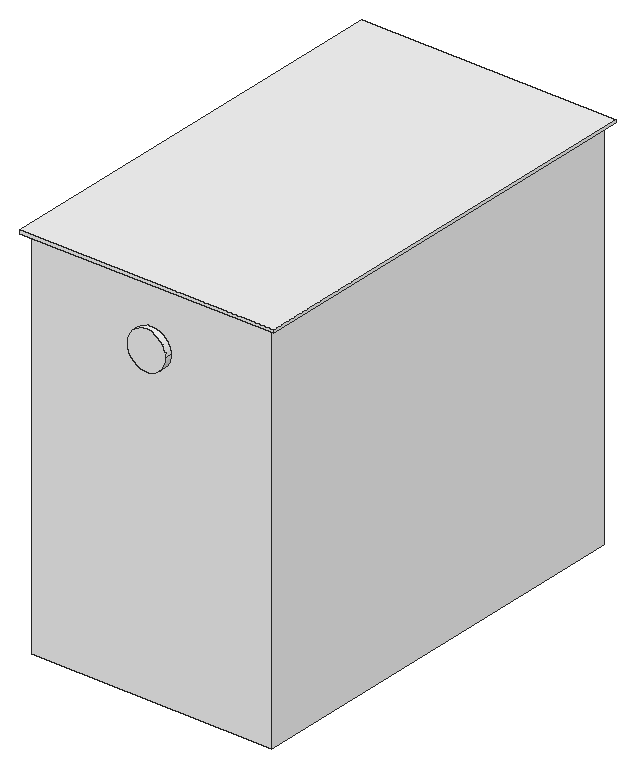
Revit family "Plumbing Fixture-Grease_Interseptor_Mifab_MI-LINT", category Plumbing Fixtures, host Face, Revit 2013
Parameters (values of type "MI-LINT-9")
  Water Capacity = "506.42 Gallons"
  WFU = 0
  URL = "www.mifab.com"
  Standard Inlet And Outlet Radii = F / 2  # 3.000"
  Model = "MI-LINT-9"
  Manufacturer = "MIFAB"
  Interceptor Material = Acid Resistant Epoxy Coated Green
  F = 6.000"
  E = 60.000"
  Description = "Lint Interceptor"
  Default Elevation = 0.000"
  D = 50.000"
  C = 10.000"
  B = 40.000"
  Assembly Code = "D2090300"
  A = 67.500"
Types (13): name | Water Capacity | URL | Standard Inlet And Outlet Radii | Model | F | E | D | C | B | A
  (no name) | "506.42 Gallons" | "www.mifab.com" | 3.000" | "MI-LINT-9" | 6.000" | 60.000" | 50.000" | 10.000" | 40.000" | 67.500"
  MI-LINT-1 | "34.29 Gallons" | "www.mifab.com" | 1.000" | "MI-LINT-1" | 2.000" | 20.000" | 17.000" | 3.000" | 20.000" | 29.500"
  MI-LINT-2 | "40.74 Gallons" | "www.mifab.com" | 1.500" | "MI-LINT-2" | 3.000" | 24.000" | 20.000" | 4.000" | 20.500" | 29.500"
  MI-LINT-3 | "80.18 Gallons" | "www.mifab.com" | 1.500" | "MI-LINT-3" | 3.000" | 30.000" | 26.000" | 4.000" | 26.000" | 33.500"
  MI-LINT-4 | "114.03 Gallons" | "www.mifab.com" | 1.500" | "MI-LINT-4" | 3.000" | 32.000" | 28.000" | 4.000" | 30.000" | 37.500"
  MI-LINT-5 | "155.64 Gallons" | "www.mifab.com" | 2.000" | "MI-LINT-5" | 4.000" | 36.000" | 30.000" | 6.000" | 26.000" | 55.500"
  MI-LINT-6 | "213.80 Gallons" | "www.mifab.com" | 3.000" | "MI-LINT-6" | 6.000" | 40.000" | 32.000" | 8.000" | 28.000" | 67.500"
  MI-LINT-7 | "302.26 Gallons" | "www.mifab.com" | 3.000" | "MI-LINT-7" | 6.000" | 54.000" | 44.000" | 10.000" | 28.000" | 67.500"
  MI-LINT-8 | "404.91 Gallons" | "www.mifab.com" | 3.000" | "MI-LINT-8" | 6.000" | 66.000" | 54.000" | 12.000" | 30.000" | 67.500"
  MI-LINT-9 | "506.42 Gallons" | "www.mifab.com" | 3.000" | "MI-LINT-9" | 6.000" | 60.000" | 50.000" | 10.000" | 40.000" | 67.500"
  MI-LINT-10 | "868.65 Gallons" | "www.mifab.com" | 3.000" | "MI-LINT-10" | 6.000" | 62.000" | 54.000" | 8.000" | 40.000" | 91.500"
  MI-LINT-11 | "1017.35 Gallons" | "WWW.MIFAB.COM" | 3.000" | "MI-LINT-11" | 6.000" | 66.000" | 54.000" | 12.000" | 50.000" | 98.000"
  MI-LINT-12 | "1536 Gallons" | "www.mifab.com" | 3.000" | "MI-LINT-12" | 6.000" | 92.000" | 80.000" | 12.000" | 50.000" | 98.000"
Reference planes (in)
  plane 1 "Center (Front/Back)": y = 0
  plane 2: z = 0
  plane 3 "Center (Left/Right)": x = 0
  plane 4: x = -20
  plane 5: y = -33.75
  plane 6: y = 33.75
  plane 7: x = 20
  plane 8: z = -10
  plane 9: z = -60
  plane 10: z = -60
  plane 11: z = -0.1345
  plane 12: z = -59.8655
Forms (in)
  Extrusion 1, solid, material "Acid Resistant Epoxy Coated Green" <- "Interceptor Material"
    sketch origin (0, 0, 0) x (1, 0, 0) y (0, 1, 0)
      loop
        line (-20, 33.75) -> (-20, -33.75) -> (20, -33.75) -> (20, 33.75) -> (-20, 33.75)
    from 0 to -0.5
  Extrusion 2, solid, material "Acid Resistant Epoxy Coated Green" <- "Interceptor Material"
    sketch origin (0, 0, 0) x (1, 0, 0) y (0, 1, 0)
      loop
        line (-19, 32.75) -> (-19, -32.75) -> (19, -32.75) -> (19, 32.75) -> (-19, 32.75)
    from 0 to -60
  Extrusion 3, solid, material "Acid Resistant Epoxy Coated Green" <- "Interceptor Material"
    sketch origin (0, 0, 0) x (1, 0, 0) y (0, 0, 1)
      loop
        circle (0, -10) r 3
    from -33.75 to 33.75
Cuts and joins
  joined: Extrusion 1, Extrusion 2, Extrusion 3
Lines and regions (in)
  symbolic lines
    curve 1: line (-20, 33.75, 0) -> (20, 33.75, 0)
    curve 2: line (-20, -33.75, 0) -> (-20, 33.75, 0)
    curve 3: line (20, -33.75, 0) -> (-20, -33.75, 0)
    curve 4: line (20, 33.75, 0) -> (20, -33.75, 0)
Dimensions and locks (in)
  equal spacing: plane 4, plane 3 "Center (Left/Right)", plane 7
  equal spacing: plane 6, plane 1 "Center (Front/Back)", plane 5
  "B": plane 4 to plane 7
  "A": plane 6 to plane 5
  "C": host face to plane 8
  "D": plane 8 to plane 9
  "E": host face to plane 10
  equal spacing: Extrusion 2 sketch curve, plane 3 "Center (Left/Right)", Extrusion 2 sketch curve
  equal spacing: Extrusion 2 sketch curve, plane 1 "Center (Front/Back)", Extrusion 2 sketch curve
  Extrusion 2 sketch curve to plane 6 = 1.000"
  plane 4 to Extrusion 2 sketch curve = 1.000"
  locked: plane 12 to plane 10 at 0.1345
  locked: host face to plane 11 at 0.1345
  "F": diameter of Extrusion 3 sketch curve
  aligned and locked: plane 2 to host face
  aligned and locked: level to host face
  aligned and locked: Extrusion 1 sketch curve to plane 6
  aligned and locked: Extrusion 1 sketch curve to plane 4
  aligned and locked: plane 5 to Extrusion 1 sketch curve
  aligned and locked: Extrusion 1 sketch curve to plane 7
  aligned and locked: Extrusion 2 to plane 9
  aligned and locked: Extrusion 3 to plane 5
  aligned and locked: plane 6 to Extrusion 3
  aligned and locked: Extrusion 3 to cut or joined group of Extrusion 1, Extrusion 2, Extrusion 3
  aligned and locked: curve 1 to plane 6
  aligned and locked: curve 2 to plane 4
  aligned and locked: plane 5 to curve 3
  aligned and locked: curve 4 to plane 7
Automatic sketch dimensions
  host sketch curve to host sketch curve = 104.47718"
  host sketch curve to host sketch curve = 144.26349"
  Extrusion 3 sketch curve to plane 3 "Center (Left/Right)" = 0.000"
  Extrusion 3 sketch curve to plane 8 = 0.000"
Connectors (in)
  piping at (0, 33.75, -10), driven by "Standard Inlet And Outlet Radii"
    settings: on cut or joined group of Extrusion 1, Extrusion 2, Extrusion 3, index 1, connector radius 3", flow factor 0, pipe flow 0 GPM, pressure drop 0.00 psi, fitting loss kfactor 0, connector angle 0.00°, fixture units 0, engagement length 0.000", flow configuration 0, flow direction 1, fitting loss method 0, system type 16, joint type 0, gender type 0, connector reference index -1, connector utility 0, adjustable connector no, is connector primary yes, fitting loss table "", connector description "In"
  piping at (0, -33.75, -10), driven by "Standard Inlet And Outlet Radii"
    settings: on cut or joined group of Extrusion 1, Extrusion 2, Extrusion 3, index 2, connector radius 3", flow factor 0, pipe flow 0 GPM, pressure drop 0.00 psi, fitting loss kfactor 0, connector angle 0.00°, fixture units 0, engagement length 0.000", flow configuration 0, flow direction 2, fitting loss method 0, system type 16, joint type 0, gender type 0, connector reference index -1, connector utility 0, adjustable connector no, is connector primary no, fitting loss table "", connector description "Out"
